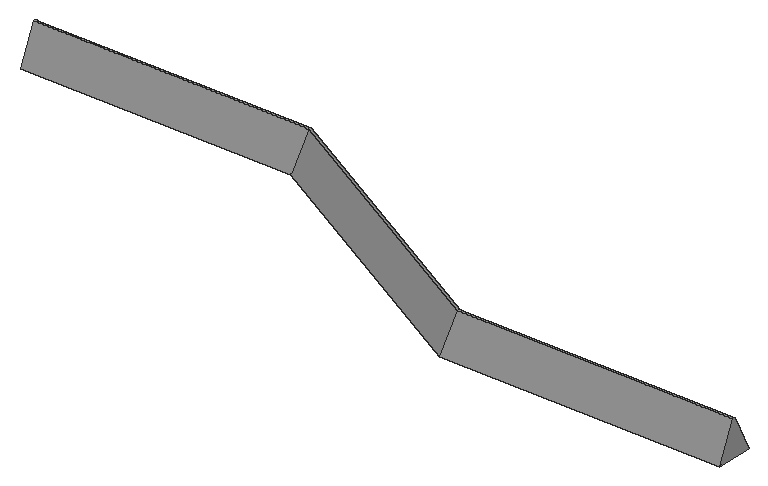
Revit family "Zig-Zag_StQ3+_35mm_p_i_t_1132100", category Generic Models, Revit 2019
Family settings
  Can host rebar = No
  Round Connector Dimension = Use Diameter
  Part Type = Normal
  Work Plane-Based = Yes
  Always vertical = No
  Cut with Voids When Loaded = No
  Shared = No
  Room Calculation Point = No
Parameters (values of type "35 mm")
  concrete = Concrete
  Website Link = "https://haucon.dk/produkt/beton-zig-zag-stq3/#variations"
  Total Length = 800 mm
  Technical Data Sheet = "https://haucon.dk/wp-content/uploads/2019/07/1132100-Beton-zig-zag-STQ3_1.0-TDS-DK.pdf"
  Default Elevation = 1219.2 mm
  Armerment width = 35 mm
  Armerment Height = Armerment width  # 35 mm
Types (6, lengths in mm): name | Armerment width | Armerment Height
  35 mm | 35 | 35
  55 mm | 55 | 55
  40 mm | 40 | 40
  45 mm | 45 | 45
  50 mm | 50 | 50
  60 mm | 60 | 60
Reference planes
  plane 1 "Center (Front/Back)": y = 0
  plane 2: z = 0
  plane 3 "Center (Left/Right)": x = 0
  plane 4: y = 17.5
  plane 5: y = -17.5
  plane 6: z = 35
  plane 7: x = 266.667
  plane 8: x = 533.333
  plane 9: x = 800
Forms (mm)
  Sweep 1, solid, material "Concrete" <- "concrete"
    path origin (135, 0, 0) x (1, 0, 0) y (0, 1, 0)
      loop
        line (-135, 0) -> (132.554, 0) -> (397.446, -149.776) -> (665, -149.776)
    profile origin (133.777, 0, 0) x (0, 1, 0) y (0, 0, 1)
      loop
        line (17.5, 0) -> (0.856, 34.544)
        arc (0.856, 34.544) -> (0, 34.98) -> (-0.856, 34.544) r 1.059
        line (-0.856, 34.544) -> (-17.5, 0) -> (17.5, 0)
Dimensions and locks
  equal spacing: plane 4, plane 1 "Center (Front/Back)", plane 5
  "Armerment width": plane 4 to plane 5
  "Armerment Height": level to plane 6
  "Total Length": plane 3 "Center (Left/Right)" to plane 9
  equal spacing: plane 3 "Center (Left/Right)", plane 7, plane 8, plane 9
  aligned and locked: level to plane 2
  aligned and locked: level to Sweep 1 sketch curve
  aligned and locked: plane 3 "Center (Left/Right)" to Sweep 1
  aligned and locked: plane 9 to Sweep 1 sketch curve
Automatic sketch dimensions
  plane 1 "Center (Front/Back)" to Sweep 1 sketch curve = 0 mm
  Sweep 1 sketch curve to plane 3 "Center (Left/Right)" = 0 mm
  Sweep 1 sketch curve to plane 7 = 0.887 mm
  plane 8 to Sweep 1 sketch curve = 0.887 mm
  plane 1 "Center (Front/Back)" to Sweep 1 sketch curve = 149.776 mm
  Sweep 1 sketch curve to plane 5 = 0 mm
  Sweep 1 sketch curve to profile plane = 0 mm
  Sweep 1 sketch curve to plane 4 = 0 mm
  plane 6 to Sweep 1 sketch curve = 0.456 mm  (x2)
  profile plane to Sweep 1 sketch curve = 0.856 mm
  Sweep 1 sketch curve to Sweep 1 sketch curve = 0.623 mm
